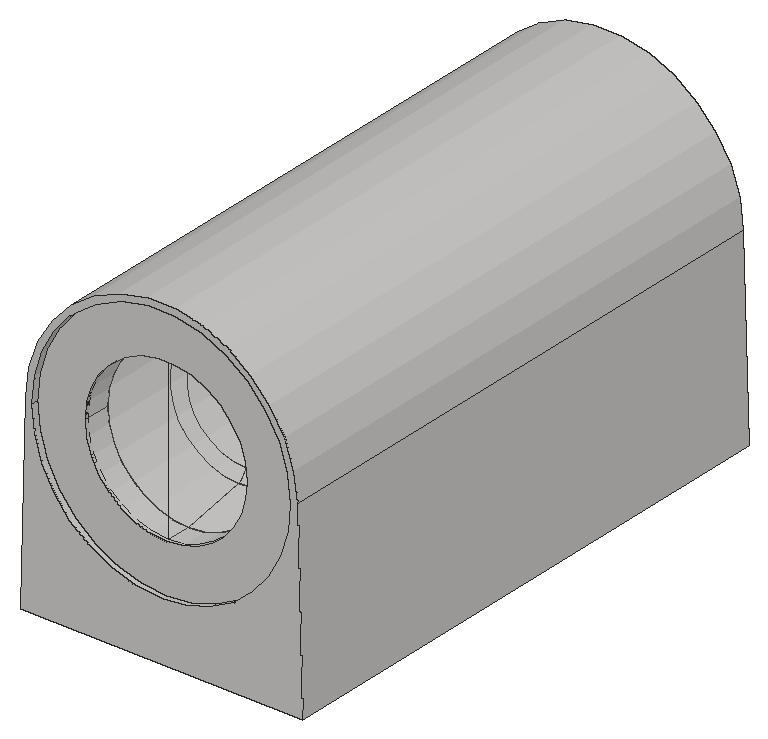
Revit family "Lighting_Outside_Nordlux_Canto-2_2-Maxi", category Lighting Fixtures, host Face, Revit 2017
Family settings
  Host = Face
  Round Connector Dimension = Use Diameter
  Part Type = Normal
  OmniClass Number = 23.80.70.00
  OmniClass Title = Lighting
  Cut with Voids When Loaded = No
  Light Source = Yes
  Shared = No
  Room Calculation Point = No
Parameters (values of type "Canto Maxi 2 - stainless steel")
  Wattage = 3.36605 W
  WarrantyStartDate [instance] = "n/a"
  WarrantyGuarantorParts = "n/a"
  WarrantyGuarantorLabor = "n/a"
  WarrantyDurationUnit = "Hours"
  WarrantyDurationParts = "n/a"
  WarrantyDurationLabor = "n/a"
  WarrantyDescription = "n/a"
  built-in parameter 1150110 = 1 (stored number, unit not read)
  VersionDate = "01/07/2020"  # constant formula
  Version = "1"  # constant formula
  UsageCurrent = 0 A
  Uniclass2015Reference = "Pr_70_70_48_85"
  Uniclass2015Description = "Surface luminaires"
  Uniclass2 = "Pr_70_70_48_85"
  URL = "https://www.nordlux.com/products/product/49721034"
  Type Comments = ""
  TotalWattage = 56 W
  built-in parameter 1114217 = 1 (stored number, unit not read)
  Tilt Angle = 90.00°
  built-in parameter 1150109 = 1 (stored number, unit not read)
  built-in parameter 1150134 = (empty or 0)
  TagNumber [instance] = "n/a"
  SustainabilityPerformance = "n/a"
  built-in parameter 1150113 = 1 (stored number, unit not read)
  Socket = "GU10"
  Size = "85x105x170 mm"
  Shape = "Sculptured"
  SerialNumber [instance] = "n/a"
  Revision = "1"  # constant formula
  ReplacementCost = "n/a"
  ProductInformation = "Whether Canto 2.0 is placed indoors or outdoors, the lamp offers a unique lighting experience. The minimalist design makes the lamp both decorative and sculptural. The light flows both up and down, and with the three included pattern inserts, it is possible to change the light image according to desire and personal style."
  Product data url = "https://www.bimobject.com/nordlux/product/canto_maxi_2_wall"
  Photometric Web File = "7757 Canto Væg Hvid No mask.ies"
  PhaseReference = "n/a"
  PhaseAngle = 0.00°
  NumberOfSources = 0
  NumberOfPoles = 1
  built-in parameter 1150142 = "IESNA:LM-63-2002\r\n[TEST] Viso LabSpion - serial: 3247052577 sensor serial: 0408532695\r\n[TESTLAB] Viso LabSpion - serial: 3247052577 sensor serial: 0408532695 - Test lab\r\n[MANUFAC] Nordlux\r\n[ISSUEDATE] 04-06-2019\r\n[LUMINAIRE] 7757 Canto Væg Hvid No mask\r\n[LUMCAT] B2019137A\r\n[_SERIALNUMBER] VFR-190604-0342-MS\r\nTILT=NONE\r\n1 507 1 49 1 1 2 -0.05 -0.05 0.105\r\n1.0 1.0 9.28\r\n0 3.75 7.5 11.25 15 18.75 22.5 26.25 30 33.75 37.5 41.25 45 48.75 52.5 56.25 60 63.75 67.5 71.25 75 78.75 82.5 86.25 90 93.75 97.5 101.25 105 108.75 112.5 116.25 120 123.75 127.5 131.25 135 138.75 142.5 146.25 150 153.75 157.5 161.25\r\n 165 168.75 172.5 176.25 180\r\n0 \r\n137.5617 138.3003 139.3907 140.1546 140.0881 138.9877 139.8895 140.8041 140.1714 136.2723 117.5227 68.3958 33.6652 25.4271 19.3237 14.0922 10.4129 7.721 5.7489 4.3082 3.0718 1.8315 0.8048 0.4256 0.3665 0.41 0.8153 1.8892 3.1271 4.3138\r\n 5.7528 7.7601 10.4936 14.2345 19.4691 25.452 33.4808 66.2417 119.3705 136.4231 140.4421 141.0138 139.9872 139.2221 139.8901 139.9871 139.3014 138.4043 137.5617\r\n"
  NominalWidth = 87.1 mm
  NominalVoltageCalc = 0 V
  NominalVoltage = 230 V
  NominalLength = 172 mm
  NominalHeight = 100 mm
  NominalFrequencyRange = 50 Hz
  NominalCurrent = 0 A
  Name = "Nordlux_Canto-2_2-Maxi"
  NBSReference = "90-60-50/405"
  NBSDescription = "General purpose luminaires"
  ModelReference = ArticleNumber  # "49721034"
  ModelNumber = "n/a"
  Model = "Canto Maxi 2 - stainless steel"
  Material = "Steel"
  ManufacturersSpecificInformation = "n/a"
  ManufacturerURL = "https://www.nordlux.com/"
  ManufacturerName = "Nordlux"
  Manufacturer = "Nordlux"
  MaintenanceFactor = 0
  built-in parameter 1150105 = 39.789 (stored number, unit not read)
  Lumens = 500 lm
  built-in parameter 1150115 = 1 (stored number, unit not read)
  LightSource = "Not included"
  LightFixturePlacingType = "Wall"
  LightFixtureMountingType = "Surface"
  LightFixtureMainMaterial = Stainless steel
  built-in parameter 1150137 = (empty or 0)
  built-in parameter 1150139 = (empty or 0)
  LensMaterial = Glass
  built-in parameter 1150112 = 1 (stored number, unit not read)
  built-in parameter 1150114 = 1 (stored number, unit not read)
  InsulationStandardClass = "Class 1 (Earth contact)"
  InstallationDate [instance] = "n/a"
  built-in parameter 1150132 = 2
  built-in parameter 1150102 = (empty or 0)
  built-in parameter 1150107 = 2700 (stored number, unit not read)
  built-in parameter 1150138 = (empty or 0)
  built-in parameter 1150106 = 0.39789 (stored number, unit not read)
  IfcExportType = "NOTDEFINED"  # constant formula
  IfcExportAs = "IfcLightFixtureType"  # constant formula
  IP_Code = "IP44"
  HasProtectiveEarth = no
  Grade = "n/a"
  Finish = "n/a"
  Features = "Parallel connection possible"
  ExpectedLife = "n/a"
  EnergyClass = "D - A++"
  Emit from Circle Diameter = 50 mm
  Emit Shape Visible in Rendering = no
  ElectricalDeviceNominalPower = 0
  built-in parameter 1150104 = 13.8 (stored number, unit not read)
  EANNumber = "5701581483880"
  DurationUnit = "Hours"
  Dimming Lamp Color Temperature Shift = <None>
  Designer = "Bonnelycke MDD"
  Description = "Whether Canto 2.0 is placed indoors or outdoors, the lamp offers a unique lighting experience. The minimalist design makes the lamp both decorative and sculptural. The light flows both up and down, and with the three included pattern inserts, it is possible to change the light image according to desire and personal style."
  Default Elevation = 0 mm
  ConvergoRefNr = "0143-1909-0047-DK"
  Constituents = "n/a"
  Color Filter = 16777215
  Color = "Grey"
  CodePerformance = "n/a"
  Category = "Outdoor lighting"
  Brand = "n/a"
  Barcode [instance] = "n/a"
  built-in parameter 1114218 = 1 (stored number, unit not read)
  BIMObjectName = "Lighting_Outside_Nordlux_Canto-2_2-Maxi"
  Author = "Convergo AB"  # constant formula
  built-in parameter 1150133 = 10 (stored number, unit not read)
  AssetType = "Fixed"
  AssetIdentifier [instance] = "n/a"
  ArticleNumber = "49721034"
  AccessibilityPerformance = "n/a"
Types (7, lengths in mm): name | URL | ModelReference | Model | Material | LightFixtureMainMaterial | Finish | EANNumber | Color | ArticleNumber
  (no name) | "https://www.nordlux.com/products/product/49721034" | "49721034" | "Canto Maxi 2 - stainless steel" | "Steel" | Stainless steel | "n/a" | "5701581483880" | "Grey" | "49721034"
  Canto Maxi 2 - black | "https://www.nordlux.com/products/product/49721003" | "49721003" | "Canto Maxi 2 - black" | "Aluminium" | Black | "n/a" | "5701581483583" | "Black" | "49721003"
  Canto Maxi 2 - white | "https://www.nordlux.com/products/product/49721001" | "49721001" | "Canto Maxi 2 - white" | "Aluminium" | White | "n/a" | "5701581483484" | "White" | "49721001"
  Canto Maxi 2 - brass | "https://www.nordlux.com/products/product/49721035" | "49721035" | "Canto Maxi 2 - brass" | "Brass" | Brass | "n/a" | "5701581483989" | "Brass" | "49721035"
  Canto Maxi 2 - stainless steel | "https://www.nordlux.com/products/product/49721034" | "49721034" | "Canto Maxi 2 - stainless steel" | "Steel" | Stainless steel | "n/a" | "5701581483880" | "Grey" | "49721034"
  Canto Maxi 2 - galvanized steel | "https://www.nordlux.com/products/product/49721031" | "49721031" | "Canto Maxi 2 - galvanized steel" | "Steel" | Steel, Galvanized | "Galvanized steel" | "5701581483781" | "Grey" | "49721031"
  Canto Maxi 2 - grey | "https://www.nordlux.com/products/product/49721010" | "49721010" | "Canto Maxi 2 - grey" | "Aluminium" | Grey | "n/a" | "5701581483682" | "Grey" | "49721010"
Reference planes
  plane 1 "Center (Front/Back)": y = 0
  plane 2: z = 0
  plane 3 "Center (Left/Right)": x = 0
  plane 4: y = 86
  plane 5: y = -86
  plane 6: z = 100
  plane 7: x = 43.55
  plane 8: x = -43.55
Dimensions and locks
  equal spacing: plane 8, plane 3 "Center (Left/Right)", plane 7
  equal spacing: plane 4, plane 1 "Center (Front/Back)", plane 5
  "NominalLength": plane 4 to plane 5
  "NominalWidth": plane 8 to plane 7
  "NominalHeight": plane 6 to level
  aligned and locked: plane 2 to host face
  aligned and locked: level to host face
Automatic sketch dimensions
  host sketch curve to host sketch curve = 2438.4 mm  (x2)
Nested families
  nested 1: "Canto 2 maxi" at (0, 0, 0), Main <- "LightFixtureMainMaterial", type "Canto 2 maxi"
    with Main Stainless steel
Connectors
  electrical at (0, 0, 0.001), driven by "NominalVoltage"
    settings: on nested 1, index 1, voltage 230 V, apparent load 0 VA, apparent load phase1 0 VA, apparent load phase2 0 VA, apparent load phase3 0 VA, power factor 1, load classification "Other", number of poles 1, system type 31, power factor state 1, is connector primary yes, connector utility no, sub classification motor no, connector description ""
Definition of nested family "Canto 2 maxi"
  Parameters (values of type "Canto 2 maxi")
    Main [instance] = none
    Default Elevation = 1219.2 mm
  Reference planes
    plane 1 "Center (Front/Back)": y = 0
    plane 2: z = 0
    plane 3 "Center (Left/Right)": x = 0
    plane 4: x = -43.519
    plane 5: x = 43.519
    plane 6: z = 100
    plane 7: y = -86
    plane 8: y = 86
  Forms (mm)
    Extrusion 1, solid
      sketch origin (0, 0, 0) x (1, 0, 0) y (0, 1, 0)
        loop
          line (-1219.2, 1219.2) -> (-1219.2, -1219.2) -> (1219.2, -1219.2) -> (1219.2, 1219.2) -> (-1219.2, 1219.2)
      from 0 to -304.8
    Extrusion 2, solid, material <- "Main", detail levels medium+fine
      sketch origin (0, 0, 0) x (1, 0, 0) y (0, 0, 1)
        loop
          line (-42.011, 59.075) -> (-43.558, 0.001) -> (43.558, 0.001) -> (42.011, 59.075)
          arc (42.011, 59.075) -> (0, 100) -> (-42.011, 59.075) r 42.026
        loop
          circle (0, 58.024) r 39.948
      from -86 to 86
    Extrusion 3, solid, material <- "Main", detail levels medium+fine
      sketch origin (0, -31.5, 0) x (1, 0, 0) y (0, 0, 1)
        loop
          circle (0, 58.024) r 39.948
        loop
          circle (0, 58.024) r 25
      from 43.999 to 52.5
    Revolve 4, solid, detail levels medium+fine
      sketch origin (0, -31.5, 0) x (0, 1, 0) y (0, 0, 1)
        loop
          arc (-22, 76.039) -> (-22.751, 78.129) -> (-24.659, 79.265) r 3.286
          line (-24.659, 79.265) -> (-43.999, 83.024) -> (-51.522, 83.024) -> (-51.522, 58.024) -> (-22, 58.024) -> (-22, 76.039)
        axis (-51.522, 58.024) -> (-22, 58.024)
      angle from 0 to 360
    Extrusion 5, solid, material <- "Main", detail levels coarse
      sketch origin (0, 0, 0) x (1, 0, 0) y (0, 1, 0)
        loop
          line (-43.558, 86) -> (-43.558, -86) -> (43.558, -86) -> (43.558, 86) -> (-43.558, 86)
      from 0 to 100
    Extrusion 6, solid, material <- "Main", detail levels medium+fine
      sketch origin (0, 31.5, 0) x (1, 0, 0) y (0, 0, -1)
        loop
          circle (0, -58.024) r 39.948
        loop
          circle (0, -58.024) r 25
      from 43.999 to 52.5
    Revolve 7, solid, detail levels medium+fine
      sketch origin (0, 31.5, 0) x (0, -1, 0) y (0, 0, -1)
        loop
          line (-22, -76.039) -> (-22, -58.024) -> (-51.522, -58.024) -> (-51.522, -83.024) -> (-43.999, -83.024) -> (-24.659, -79.265)
          arc (-24.659, -79.265) -> (-22.751, -78.129) -> (-22, -76.039) r 3.286
        axis (-51.522, -58.024) -> (-22, -58.024)
      angle from 0 to 360
  Lines and regions (mm)
    symbolic lines, detail levels medium+fine
      curve 1: line (-43.519, 86, 0) -> (43.519, 86, 0)
      curve 2: line (-43.519, -86, 0) -> (-43.519, 86, 0)
      curve 3: line (43.519, -86, 0) -> (-43.519, -86, 0)
      curve 4: line (43.519, 86, 0) -> (43.519, -86, 0)
      curve 5: line (0, 86, 100) -> (0, -86, 100)
      curve 6: line (0, 86, 0) -> (0, 86, 100)
      curve 7: line (0, -86, 0) -> (0, 86, 0)
      curve 8: line (0, -86, 100) -> (0, -86, 0)
      curve 9: line (-42.011, 0, 59.075) -> (-43.558, 0, 0.001)
      curve 10: line (43.558, 0, 0.001) -> (42.011, 0, 59.075)
      curve 11: arc (42.011, 0, 59.075) -> (0, 0, 100) -> (-42.011, 0, 59.075) r 42.026
    symbolic lines, detail levels fine
      curve 12: circle (0, 0, 58.024) r 25 normal (0, -1, 0)
      curve 13: circle (0, 0, 58.024) r 39.948 normal (0, -1, 0)
  Dimensions and locks
    aligned and locked: plane 2 to Extrusion 1
    aligned and locked: level to Extrusion 1
